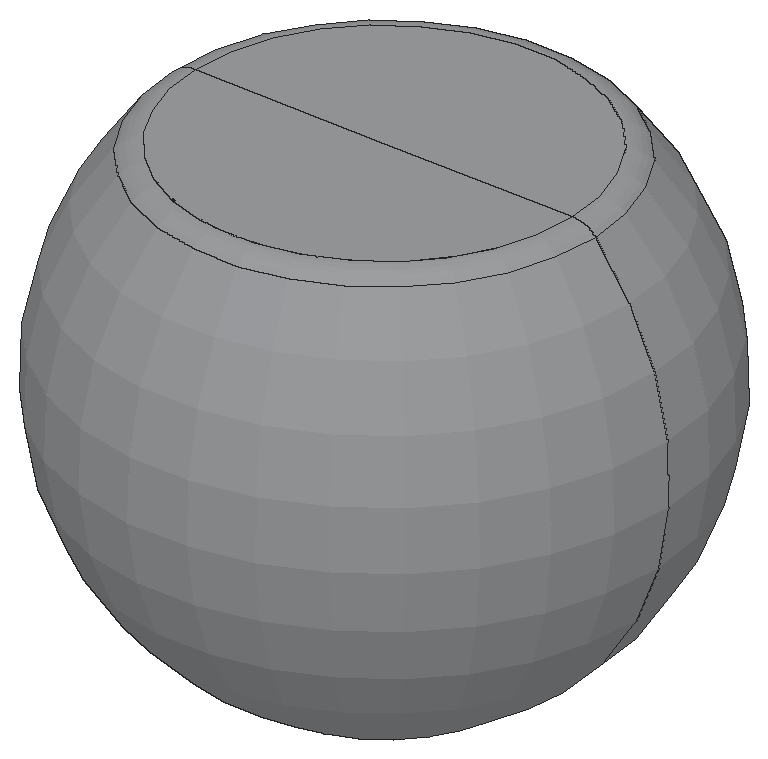
Revit family "Haworth_Cappellini_Bong_Table_EU_PRELIMINARY", category Furniture, Revit 2018
Family settings
  OmniClass Number = 23.40.20.00
  OmniClass Title = General Furniture and Specialties
  Work Plane-Based = No
  Always vertical = Yes
  Cut with Voids When Loaded = No
  Shared = No
  Room Calculation Point = No
Parameters (values of type "Bong table")
  Warranty = "http://www.haworth.com/resources/product-info/warranties"
  URL - Product = "https://www.haworth.com/eu/en/products/coffee-tables/bong.html"
  URL = "https://www.haworth.com/eu/en/company/brands/collection.html"
  Table Finish [instance] = Haworth _ Marble _ Carrara
  Size = "Verify Final Dim. w/ Haworth"  # constant formula
  Revision = "4"  # constant formula
  Radius = 24 cm  # constant formula
  Model = "BG_1"  # constant formula
  Manufacturer = "Haworth"  # constant formula
  Description = "Haworth - Cappellini - Bong - Service Table"  # constant formula
  Author = "Haworth (Hampton, Abd Rahman)"  # constant formula
  Assembly Code = "E2020200"
  Actual Height = 40 cm  # constant formula
Reference planes (cm)
  plane 1 "Center Front/Back": y = 0
  plane 2: z = 0
  plane 3 "Center Left/Right": x = 0
  plane 4 "Top": z = 40
  plane 5 "Left Post": x = -24
  plane 6 "Right Post": x = 24
Forms (cm)
  Revolve 1, solid, material "Haworth _ Marble _ Carrara" <- "Table Finish"
    sketch origin (0, 0, 0) x (1, 0, 0) y (0, 0, 1)
      loop
        line (0, 0) -> (0, 39.9701) -> (-15.5849, 39.9701)
        arc (-15.5849, 39.9701) -> (-16.6202, 39.7495) -> (-17.4757, 39.1261) r 2.54
        arc (-17.4757, 39.1261) -> (-22.665, 16.4227) -> (-6.1523, 0) r 24.0066
        line (-6.1523, 0) -> (0, 0)
      axis (0, 39.9701) -> (0, 0)
    angle from 0 to 360
Lines and regions (cm)
  Masking region 1
    outline origin (0, 0, 0) x (1, 0, 0) y (0, 1, 0)
      loop
        circle (0, 0) r 23.7402
  symbolic lines, style "Haworth", detail levels medium
    curve 1: circle (0, 0, 0) r 17.78 normal (0, 0, 1)
Dimensions and locks (cm)
  "Actual Height": plane 4 "Top" to level
  "Radius": plane 3 "Center Left/Right" to plane 5 "Left Post"
  "Radius": plane 6 "Right Post" to plane 3 "Center Left/Right"
  radius of Masking region 1 sketch curve = 23.7402 cm
Automatic sketch dimensions
  Revolve 1 sketch curve to level = 0 cm
  Revolve 1 sketch curve to plane 3 "Center Left/Right" = 0 cm
  Revolve 1 sketch curve to Revolve 1 sketch curve = 6.1523 cm
  Revolve 1 sketch curve to plane 4 "Top" = 2.5699 cm
  plane 5 "Left Post" to Revolve 1 sketch curve = 8.4151 cm
  Revolve 1 sketch curve to plane 4 "Top" = 0.8739 cm
  Revolve 1 sketch curve to Revolve 1 sketch curve = 1.8908 cm
  Revolve 1 sketch curve to Revolve 1 sketch curve = 0 cm
  plane 1 "Center Front/Back" to Masking region 1 sketch curve = 0 cm
  Masking region 1 sketch curve to plane 3 "Center Left/Right" = 0 cm
  plane 1 "Center Front/Back" to curve 1 = 0 cm
  curve 1 to plane 3 "Center Left/Right" = 0 cm
  radius of curve 1 = 17.78 cm
